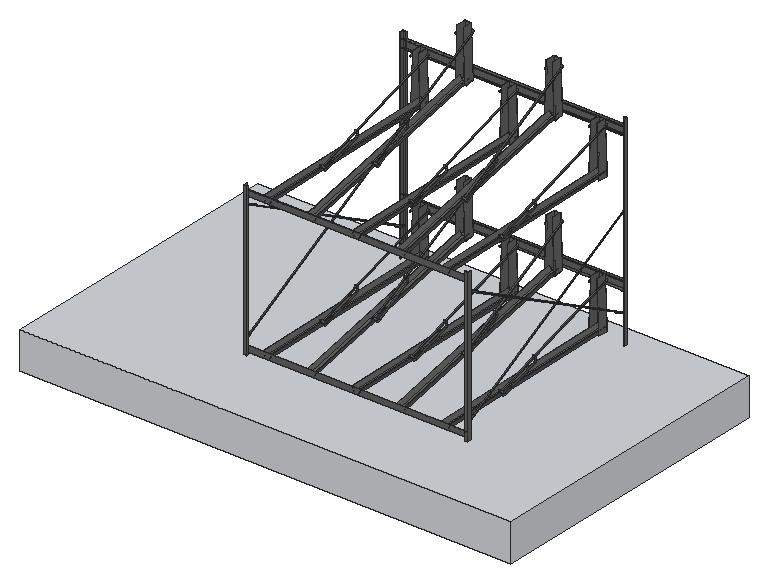
Revit family "Bike_Rack-Saris_Parking-Stretch_Rack", category Site, host Face, Revit 2014
Parameters (values of type "Refer to Catalog")
  Width = 72.4"
  URL = "https://www.sarisparking.com/"
  Stretch Rack Locking = yes
  Product Page URL = "https://www.sarisparking.com/product/stretch-rack/"
  Product Documentation Link = "https://www.sarisparking.com/uploads/SarisParking/PDF/Stretch-Rack-Spread.pdf"
  Number of Parkable Bikes Note [instance] = "Saris Stretch Rack can only park 6, 8, or 10 bikes at a time"  # constant formula
  Mount Color = Paint - Saris Parking - Powder Coat - Shuttle Black
  Model = "8010"
  Manufacturer = "Saris Parking"  # constant formula
  Description = "High density long term bike storage"  # constant formula
  Default Elevation = 48.0"
  Ceiling Clearance = "96 Inches Ceiling Clearance Required"  # constant formula
  Assembly Code = "G2040500"
  8080 = no
  8018 = no
  8016 = no
  8010 = yes
Reference planes (in)
  plane 1 "Center (Front/Back)": y = 0
  plane 2: z = 0
  plane 3 "Center (Left/Right)": x = 0
  plane 4: y = -22.45027
  plane 5: x = -36.2
  plane 6: y = -22.45027
  plane 7: y = -22.32527
  plane 8: z = 46.085
  plane 9: z = 45.935
  plane 10: z = 63.5
  plane 11: z = 60.75
  plane 12: z = 18.637
  plane 13: z = 15.887
  plane 14: y = 41.71015
  plane 15: x = -35.055
  plane 16: x = -36.03
  plane 17: x = 36.2
  plane 18: x = 35.055
  plane 19: x = 36.03
  plane 20: x = -14.405
  plane 21: x = 28.795
  plane 22: x = 14.395
  plane 23: x = -14.405
  plane 24: x = 14.395
  plane 25: x = 28.795
  plane 26: x = -28.805
  plane 27: x = -28.8
  plane 28: x = -27
  plane 29: x = -9
  plane 30: x = 9
  plane 31: x = 27
  plane 32: x = -20.755
  plane 33: x = -7.255
  plane 34: x = 6.245
  plane 35: x = 19.745
  plane 36: y = 40.65077
  plane 37: z = 31.137
  plane 38: z = 76
  plane 39: x = -18.005
  plane 40: x = 17.995
  plane 41: z = 5
  plane 42: z = 9.375
  plane 43: z = 43
  plane 44: z = 38.625
  plane 45: x = 0
  plane 46: x = 35.58625
  plane 47: x = -35.56281
  plane 48: z = 42.97931
  plane 49: y = 13.72889
  plane 50: z = 65.5
  plane 51: y = 40.58515
  plane 52: z = 18.512
  plane 53: z = 16.012
  plane 54: y = 41.56015
  plane 55: y = 41.43515
  plane 56: z = 49
  plane 57: z = 2.875
  plane 58: z = 1.055
  plane 59: z = 0.935
  plane 60: y = -22.62027
  plane 61: y = -21.47527
Forms (in)
  Extrusion 1, solid
    sketch origin (0, 0, 0) x (1, 0, 0) y (0, 1, 0)
      loop
        line (-88, 48) -> (-88, -48) -> (70.23966, -48) -> (70.23966, 48) -> (-88, 48)
    from 0 to -12
  Extrusion 2, solid, material "Paint - Saris Parking - Powder Coat - Shuttle Black" <- "Mount Color", detail levels coarse
    sketch origin (0, 0, 0) x (1, 0, 0) y (0, 1, 0)
      loop
        line (35.055, 41.71015) -> (35.055, 40.58515) -> (36.2, 40.58515) -> (36.2, 41.71015) -> (35.055, 41.71015)
      loop
        line (-35.055, 41.71015) -> (-36.2, 41.71015) -> (-36.2, 40.58515) -> (-35.055, 40.58515) -> (-35.055, 41.71015)
    from 0 to 65.5
  Extrusion 3, solid, material "Paint - Saris Parking - Powder Coat - Shuttle Black" <- "Mount Color", detail levels coarse
    sketch origin (0, 0, 0) x (0, 1, 0) y (0, 0, 1)
      loop
        line (-21.47527, 45.935) -> (-21.47527, 47.875) -> (-22.62027, 47.875) -> (-22.62027, 45.935) -> (-21.47527, 45.935)
      loop
        line (-21.47527, 0.935) -> (-21.47527, 2.875) -> (-22.62027, 2.875) -> (-22.62027, 0.935) -> (-21.47527, 0.935)
      loop
        line (40.58515, 60.75) -> (41.71015, 60.75) -> (41.71015, 63.5) -> (40.58515, 63.5) -> (40.58515, 60.75)
      loop
        line (40.58515, 15.887) -> (41.71015, 15.887) -> (41.71015, 18.637) -> (40.58515, 18.637) -> (40.58515, 15.887)
    from -36.2 to 36.2
  Extrusion 4, solid, material "Paint - Saris Parking - Powder Coat - Shuttle Black" <- "Mount Color", detail levels medium+fine
    sketch origin (0, 0, 0) x (1, 0, 0) y (0, 1, 0)
      loop
        line (-35.055, 41.56015) -> (-35.055, 41.71015) -> (-36.2, 41.71015) -> (-36.2, 40.58515) -> (-36.03, 40.58515) -> (-36.03, 41.56015) -> (-35.055, 41.56015)
      loop
        line (35.055, 41.71015) -> (35.055, 41.56015) -> (36.03, 41.56015) -> (36.03, 40.58515) -> (36.2, 40.58515) -> (36.2, 41.71015) -> (35.055, 41.71015)
    from 0 to 65.5
  Extrusion 5, solid, material "Paint - Saris Parking - Powder Coat - Shuttle Black" <- "Mount Color", detail levels medium+fine
    sketch origin (0, 0, 0) x (0, 1, 0) y (0, 0, 1)
      loop
        line (40.65077, 18.637) -> (40.65077, 18.512) -> (41.43515, 18.512) -> (41.43515, 16.012) -> (40.65077, 16.012) -> (40.65077, 15.887) -> (41.56015, 15.887) -> (41.56015, 18.637) -> (40.65077, 18.637)
      loop
        line (40.65077, 60.75) -> (41.56015, 60.75) -> (41.56015, 63.5) -> (40.65077, 63.5) -> (40.65077, 63.375) -> (41.43515, 63.375) -> (41.43515, 60.875) -> (40.65077, 60.875) -> (40.65077, 60.75)
    from -36.03 to 36.03
  Extrusion 6, solid, material "Paint - Saris Parking - Powder Coat - Shuttle Black" <- "Mount Color", detail levels medium+fine
    sketch origin (0, 0, 0) x (1, 0, 0) y (0, 1, 0)
      loop
        line (-36.03, -21.47527) -> (-36.2, -21.47527) -> (-36.2, -22.62027) -> (-35.055, -22.62027) -> (-35.055, -22.45027) -> (-36.03, -22.45027) -> (-36.03, -21.47527)
      loop
        line (36.03, -21.47527) -> (36.03, -22.45027) -> (35.055, -22.45027) -> (35.055, -22.62027) -> (36.2, -22.62027) -> (36.2, -21.47527) -> (36.03, -21.47527)
    from 0 to 49
  Extrusion 7, solid, material "Paint - Saris Parking - Powder Coat - Shuttle Black" <- "Mount Color", detail levels medium+fine
    sketch origin (0, 0, 0) x (0, 1, 0) y (0, 0, 1)
      loop
        line (-22.32527, 2.875) -> (-22.45027, 2.875) -> (-22.45027, 0.935) -> (-21.37527, 0.935) -> (-21.37527, 1.055) -> (-22.32527, 1.055) -> (-22.32527, 2.875)
      loop
        line (-22.32527, 47.875) -> (-22.45027, 47.875) -> (-22.45027, 45.935) -> (-21.37527, 45.935) -> (-21.37527, 46.055) -> (-22.32527, 46.055) -> (-22.32527, 47.875)
    from -36.03 to 36.03
  Extrusion 8, solid, material "Paint - Saris Parking - Powder Coat - Shuttle Black" <- "Mount Color", detail levels coarse
    sketch origin (0, 0, 0) x (1, 0, 0) y (0, 1, 0)
      loop
        line (-35.055, -22.62027) -> (-35.055, -21.47527) -> (-36.2, -21.47527) -> (-36.2, -22.62027) -> (-35.055, -22.62027)
      loop
        line (35.055, -22.62027) -> (36.2, -22.62027) -> (36.2, -21.47527) -> (35.055, -21.47527) -> (35.055, -22.62027)
    from 0 to 49
Lines and regions (in)
  Masking region 1
    outline origin (0, 0, 0) x (1, 0, 0) y (0, 1, 0)
      loop
        line (-36.2, -21.47527) -> (-36.2, -22.62027) -> (36.2, -22.62027) -> (36.2, -21.47527) -> (-36.2, -21.47527)
      loop
        line (-36.2, 41.71015) -> (-36.2, 40.58515) -> (36.2, 40.58515) -> (36.2, 41.71015) -> (-36.2, 41.71015)
  Masking region 2, detail levels medium+fine
    outline origin (0, 0, 0) x (1, 0, 0) y (0, 1, 0)
      loop
        line (-35.75281, -21.47527) -> (-35.37281, -21.47527) -> (-35.37281, 40.65077) -> (-35.75281, 40.65077) -> (-35.75281, -21.47527)
      loop
        line (35.75281, -21.47527) -> (35.75281, 40.65077) -> (35.37281, 40.65077) -> (35.37281, -21.47527) -> (35.75281, -21.47527)
Dimensions and locks (in)
  "Width": plane 5 to plane 17
  equal spacing: plane 5, plane 3 "Center (Left/Right)", plane 17
  plane 5 to plane 26 = 7.395"
  plane 26 to plane 20 = 14.4"
  plane 20 to plane 3 "Center (Left/Right)" = 14.405"
  plane 17 to plane 21 to plane 22 to plane 3 "Center (Left/Right)" = 7.405", 14.4", 14.395"
  plane 5 to plane 27 = 7.4"
  plane 27 to plane 23 = 14.395"
  plane 23 to plane 3 "Center (Left/Right)" = 14.405"
  plane 3 "Center (Left/Right)" to plane 24 = 14.395"
  plane 24 to plane 25 = 14.4"
  plane 25 to plane 17 = 7.405"
  plane 5 to plane 28 = 9.2"
  plane 28 to plane 29 = 18.0"
  plane 29 to plane 30 = 18.0"
  plane 30 to plane 31 = 18.0"
  plane 31 to plane 17 = 9.2"
  plane 18 to plane 19 to plane 17 = 0.975" locked, 0.17" locked
  plane 5 to plane 16 to plane 15 = 0.17" locked, 0.975" locked
  locked: plane 1 "Center (Front/Back)" to plane 36 at 40.65077
  plane 32 to plane 33 to plane 3 "Center (Left/Right)" to plane 34 to plane 35 = 13.5" locked, 7.255" locked, 6.245" locked, 13.5" locked
  locked: plane 2 to plane 37 at 31.137
  locked: plane 2 to plane 38 at 76
  plane 10 to plane 12 to plane 2 = 44.863" locked, 18.637" locked
  plane 39 to plane 3 "Center (Left/Right)" to plane 40 = 18.005" locked, 17.995" locked
  plane 44 to plane 41 = 33.625"
  plane 43 to plane 42 = 33.625"
  locked: plane 46 to plane 17 at 0.61375
  locked: plane 5 to plane 47 at 0.63719
  locked: plane 48 to plane 2 at 42.97931
  locked: plane 1 "Center (Front/Back)" to nested 33 at 13.72889
  locked: plane 50 to plane 2 at 65.5
  Extrusion 3 sketch curve to Extrusion 3 sketch curve to Extrusion 3 sketch curve to Extrusion 3 sketch curve to Extrusion 3 sketch curve to Extrusion 3 sketch curve to Extrusion 3 sketch curve to Extrusion 3 sketch curve to plane 1 "Center (Front/Back)" to Extrusion 3 sketch curve to Extrusion 3 sketch curve to Extrusion 3 sketch curve to Extrusion 3 sketch curve to Extrusion 3 sketch curve to Extrusion 3 sketch curve to Extrusion 3 sketch curve to Extrusion 3 sketch curve = 0.0" locked, 0.0" locked, 0.0" locked, 1.145" locked, 0.0" locked, 0.0" locked, 0.0" locked, 21.47527" locked, 40.58515" locked, 0.0" locked, 0.0" locked, 0.0" locked, 1.125" locked, 0.0" locked, 0.0" locked, 0.0" locked
  Extrusion 3 sketch curve to Extrusion 3 sketch curve to Extrusion 3 sketch curve to Extrusion 3 sketch curve to Extrusion 3 sketch curve to Extrusion 3 sketch curve to Extrusion 3 sketch curve to Extrusion 3 sketch curve to Extrusion 3 sketch curve to Extrusion 3 sketch curve to Extrusion 3 sketch curve to Extrusion 3 sketch curve to Extrusion 3 sketch curve to Extrusion 3 sketch curve to Extrusion 3 sketch curve to Extrusion 3 sketch curve to plane 2 = 0.0" locked, 2.75" locked, 0.0" locked, 12.875" locked, 0.0" locked, 1.94" locked, 0.0" locked, 27.298" locked, 0.0" locked, 2.75" locked, 0.0" locked, 13.012" locked, 0.0" locked, 1.94" locked, 0.0" locked, 0.935" locked
  plane 5 to Extrusion 4 sketch curve to Extrusion 4 sketch curve to Extrusion 4 sketch curve to Extrusion 4 sketch curve to Extrusion 4 sketch curve to Extrusion 4 sketch curve = 0.0" locked, 0.0" locked, 0.17" locked, 0.0" locked, 0.975" locked, 0.0" locked
  Extrusion 4 sketch curve to Extrusion 4 sketch curve to Extrusion 4 sketch curve to Extrusion 4 sketch curve to plane 14 to Extrusion 4 sketch curve to Extrusion 4 sketch curve = 0.0" locked, 0.975" locked, 0.0" locked, 0.15" locked, 0.0" locked, 0.0" locked
  Extrusion 4 sketch curve to Extrusion 4 sketch curve to Extrusion 4 sketch curve to Extrusion 4 sketch curve to Extrusion 4 sketch curve to Extrusion 4 sketch curve = 0.0" locked, 0.17" locked, 0.0" locked, 0.975" locked, 0.0" locked
  Extrusion 4 sketch curve to Extrusion 4 sketch curve to Extrusion 4 sketch curve to Extrusion 4 sketch curve to Extrusion 4 sketch curve to Extrusion 4 sketch curve = 0.0" locked, 0.975" locked, 0.0" locked, 0.15" locked, 0.0" locked
  Extrusion 5 sketch curve to Extrusion 5 sketch curve to Extrusion 5 sketch curve to Extrusion 5 sketch curve to Extrusion 5 sketch curve to Extrusion 5 sketch curve to Extrusion 5 sketch curve to Extrusion 5 sketch curve to plane 2 = 0.0" locked, 0.125" locked, 0.0" locked, 2.5" locked, 0.0" locked, 0.125" locked, 0.0" locked, 15.887" locked
  Extrusion 5 sketch curve to Extrusion 5 sketch curve to Extrusion 5 sketch curve to Extrusion 5 sketch curve to Extrusion 5 sketch curve to Extrusion 5 sketch curve to Extrusion 5 sketch curve to Extrusion 5 sketch curve to plane 1 "Center (Front/Back)" = 0.0" locked, 0.125" locked, 0.0" locked, 0.78438" locked, 0.0" locked, 0.0" locked, 0.0" locked, 40.65077" locked
  Extrusion 5 sketch curve to Extrusion 5 sketch curve to Extrusion 5 sketch curve to Extrusion 5 sketch curve to Extrusion 5 sketch curve to Extrusion 5 sketch curve to Extrusion 5 sketch curve to Extrusion 5 sketch curve = 0.0" locked, 0.125" locked, 0.0" locked, 2.5" locked, 0.0" locked, 0.125" locked, 0.0" locked
  Extrusion 5 sketch curve to Extrusion 5 sketch curve to Extrusion 5 sketch curve to Extrusion 5 sketch curve to Extrusion 5 sketch curve to Extrusion 5 sketch curve to Extrusion 5 sketch curve to Extrusion 5 sketch curve = 0.0" locked, 0.125" locked, 0.0" locked, 0.78438" locked, 0.0" locked, 0.0" locked, 0.0" locked
  Extrusion 6 sketch curve to Extrusion 6 sketch curve to Extrusion 6 sketch curve to Extrusion 6 sketch curve to Extrusion 6 sketch curve to Extrusion 6 sketch curve to plane 3 "Center (Left/Right)" = 0.0" locked, 0.17" locked, 0.0" locked, 0.975", 0.0" locked, 35.055"
  Extrusion 6 sketch curve to Extrusion 6 sketch curve to Extrusion 6 sketch curve to Extrusion 6 sketch curve to Extrusion 6 sketch curve to Extrusion 6 sketch curve to plane 49 = 0.0" locked, 0.17" locked, 0.0" locked, 0.975" locked, 0.0" locked, 35.20416" locked
  Extrusion 6 sketch curve to Extrusion 6 sketch curve to Extrusion 6 sketch curve to Extrusion 6 sketch curve to Extrusion 6 sketch curve to Extrusion 6 sketch curve = 0.0" locked, 0.17" locked, 0.0" locked, 0.975" locked, 0.0" locked  (x2)
  locked: plane 56 to plane 2 at 49
  Extrusion 7 sketch curve to Extrusion 7 sketch curve to Extrusion 7 sketch curve to Extrusion 7 sketch curve to Extrusion 7 sketch curve to Extrusion 7 sketch curve to plane 2 = 0.0" locked, 1.82" locked, 0.0" locked, 0.12" locked, 0.0" locked, 0.935" locked
  plane 1 "Center (Front/Back)" to Extrusion 7 sketch curve to Extrusion 7 sketch curve to Extrusion 7 sketch curve to Extrusion 7 sketch curve to Extrusion 7 sketch curve to Extrusion 7 sketch curve = 21.37527" locked, 0.0" locked, 0.95" locked, 0.0" locked, 0.125" locked, 0.0" locked
  Extrusion 7 sketch curve to Extrusion 7 sketch curve to Extrusion 7 sketch curve to Extrusion 7 sketch curve to Extrusion 7 sketch curve to Extrusion 7 sketch curve = 0.0" locked, 1.82" locked, 0.0" locked, 0.12" locked, 0.0" locked
  Extrusion 7 sketch curve to Extrusion 7 sketch curve to Extrusion 7 sketch curve to Extrusion 7 sketch curve to Extrusion 7 sketch curve to Extrusion 7 sketch curve = 0.0" locked, 0.95" locked, 0.0" locked, 0.125" locked, 0.0" locked
  Masking region 2 sketch curve to nested 34 to Masking region 2 sketch curve = 0.19" locked, 0.19" locked
  Masking region 2 sketch curve to nested 33 to Masking region 2 sketch curve = 0.21344" locked, 0.16656" locked
  aligned and locked: Extrusion 1 to plane 2
  aligned and locked: Extrusion 1 to level
  aligned and locked: nested 21 to plane 36
  aligned and locked: nested 22 to plane 34
  aligned and locked: nested 22 to plane 36
  aligned and locked: nested 19 to plane 32
  aligned and locked: nested 20 to plane 34
  aligned and locked: nested 19 to plane 36
  aligned and locked: nested 20 to plane 36
  aligned and locked: nested 23 to plane 33
  aligned and locked: nested 23 to plane 36
  aligned and locked: nested 25 to plane 33
  aligned and locked: nested 25 to plane 36
  aligned and locked: nested 24 to plane 35
  aligned and locked: nested 24 to plane 36
  aligned and locked: nested 26 to plane 35
  aligned and locked: nested 26 to plane 36
  aligned and locked: plane 38 to nested 9
  aligned and locked: nested 14 to plane 38
  aligned and locked: nested 26 to plane 38
  aligned and locked: nested 13 to plane 38
  aligned and locked: nested 23 to plane 38
  aligned and locked: nested 2 to plane 38
  aligned and locked: nested 22 to plane 10
  aligned and locked: nested 21 to plane 10
  aligned and locked: nested 1 to plane 10
  aligned and locked: nested 16 to plane 10
  aligned and locked: nested 7 to plane 10
  aligned and locked: nested 5 to plane 10
  aligned and locked: nested 15 to plane 10
  aligned and locked: nested 3 to plane 37
  aligned and locked: nested 10 to plane 37
  aligned and locked: nested 17 to plane 37
  aligned and locked: nested 18 to plane 37
  aligned and locked: nested 25 to plane 37
  aligned and locked: nested 24 to plane 37
  aligned and locked: nested 6 to plane 12
  aligned and locked: nested 11 to plane 12
  aligned and locked: nested 20 to plane 12
  aligned and locked: nested 19 to plane 12
  aligned and locked: nested 12 to plane 12
  aligned and locked: nested 4 to plane 12
  aligned and locked: nested 8 to plane 12
  aligned and locked: nested 5 to plane 36
  aligned and locked: nested 6 to plane 36
  aligned and locked: nested 15 to plane 36
  aligned and locked: nested 11 to plane 36
  aligned and locked: nested 21 to plane 32
  aligned and locked: nested 9 to plane 23
  aligned and locked: nested 9 to plane 36
  aligned and locked: nested 10 to plane 23
  aligned and locked: nested 10 to plane 36
  aligned and locked: nested 13 to plane 29
  aligned and locked: nested 13 to plane 36
  aligned and locked: nested 17 to plane 29
  aligned and locked: nested 17 to plane 36
  aligned and locked: plane 3 "Center (Left/Right)" to nested 1
  aligned and locked: nested 1 to plane 36
  aligned and locked: plane 3 "Center (Left/Right)" to nested 4
  aligned and locked: nested 4 to plane 36
  aligned and locked: nested 16 to plane 36
  aligned and locked: nested 12 to plane 36
  aligned and locked: nested 2 to plane 24
  aligned and locked: nested 2 to plane 36
  aligned and locked: nested 3 to plane 24
  aligned and locked: nested 3 to plane 36
  aligned and locked: nested 14 to plane 31
  aligned and locked: nested 14 to plane 36
  aligned and locked: nested 18 to plane 31
  aligned and locked: nested 18 to plane 36
  aligned and locked: nested 7 to plane 25
  aligned and locked: nested 7 to plane 36
  aligned and locked: nested 8 to plane 25
  aligned and locked: nested 8 to plane 36
  aligned and locked: nested 27 to plane 12
  aligned and locked: nested 28 to plane 12
  aligned and locked: nested 30 to plane 10
  aligned and locked: nested 29 to plane 10
  aligned and locked: nested 27 to plane 39
  aligned and locked: nested 29 to plane 39
  aligned and locked: nested 30 to plane 40
  aligned and locked: nested 28 to plane 40
  aligned and locked: nested 27 to plane 36
  aligned and locked: nested 29 to plane 36
  aligned and locked: nested 30 to plane 36
  aligned and locked: nested 28 to plane 36
  aligned and locked: plane 37 to nested 32
  aligned and locked: plane 38 to nested 31
  aligned and locked: nested 31 to plane 36
  aligned and locked: nested 32 to plane 36
  aligned and locked: plane 3 "Center (Left/Right)" to nested 31
  aligned and locked: plane 3 "Center (Left/Right)" to nested 32
  aligned and locked: nested 34 to plane 47
  aligned and locked: nested 33 to plane 46
  aligned and locked: nested 33 to plane 48
  aligned and locked: nested 34 to plane 48
  aligned and locked: nested 33 to plane 49
  aligned and locked: nested 34 to plane 49
  aligned and locked: plane 50 to Extrusion 2
  aligned and locked: Extrusion 2 to plane 2
  aligned and locked: plane 5 to Extrusion 3
  aligned and locked: plane 17 to Extrusion 3
  aligned and locked: plane 50 to Extrusion 4
  aligned and locked: Extrusion 5 to plane 19
  aligned and locked: Extrusion 5 to plane 16
  aligned and locked: plane 5 to Extrusion 6
  aligned and locked: plane 17 to Extrusion 6
  aligned and locked: Extrusion 6 to plane 2
  aligned and locked: plane 56 to Extrusion 6
  aligned and locked: Extrusion 7 to plane 19
  aligned and locked: Extrusion 7 to plane 16
  aligned and locked: plane 16 to Extrusion 6
  aligned and locked: plane 15 to Extrusion 6
  aligned and locked: plane 5 to Extrusion 2 sketch curve
  aligned and locked: Extrusion 2 sketch curve to plane 14
  aligned and locked: plane 15 to Extrusion 2 sketch curve
  aligned and locked: plane 51 to Extrusion 2 sketch curve
  aligned and locked: Extrusion 2 sketch curve to plane 18
  aligned and locked: plane 14 to Extrusion 2 sketch curve
  aligned and locked: Extrusion 2 sketch curve to plane 17
  aligned and locked: Extrusion 2 sketch curve to plane 51
  aligned and locked: Masking region 1 sketch curve to plane 5  (x2)
  aligned and locked: plane 14 to Masking region 1 sketch curve
  aligned and locked: plane 61 to Masking region 1 sketch curve
  aligned and locked: Masking region 1 sketch curve to plane 60
  aligned and locked: Masking region 1 sketch curve to plane 17  (x2)
  aligned and locked: Masking region 1 sketch curve to plane 51
  aligned and locked: Masking region 2 sketch curve to plane 36
  aligned and locked: plane 61 to Masking region 2 sketch curve
  aligned and locked: Masking region 2 sketch curve to plane 61
  aligned and locked: plane 36 to Masking region 2 sketch curve
  aligned and locked: plane 61 to Extrusion 8 sketch curve
  aligned and locked: Extrusion 8 sketch curve to plane 5
  aligned and locked: Extrusion 8 sketch curve to plane 15
  aligned and locked: Extrusion 8 sketch curve to plane 60
  aligned and locked: Extrusion 8 sketch curve to plane 61
  aligned and locked: plane 17 to Extrusion 8 sketch curve
  aligned and locked: plane 60 to Extrusion 8 sketch curve
  aligned and locked: plane 18 to Extrusion 8 sketch curve
  aligned and locked: Extrusion 8 to Extrusion 6
  aligned and locked: Extrusion 2 to Extrusion 8
Automatic sketch dimensions
  Extrusion 1 sketch curve to Extrusion 1 sketch curve = 158.23966"
  Extrusion 1 sketch curve to Extrusion 1 sketch curve = 96.0"
  Extrusion 5 sketch curve to plane 36 = 0.0"
  plane 10 to Extrusion 5 sketch curve = 0.0"
  plane 14 to Extrusion 4 sketch curve = 0.0"
  Extrusion 4 sketch curve to plane 18 = 0.0"
  Extrusion 6 sketch curve to plane 18 = 0.0"
  Extrusion 7 sketch curve to plane 4 = 0.0"
  Extrusion 7 sketch curve to plane 9 = 0.0"
  plane 4 to Extrusion 6 sketch curve = 0.0"
Nested families (in)
  nested 1: "Angled_Rack" at (0, 41.83376, 46.29234), visible <- "8010", type "Angled_Rack"
  nested 2: "Angled_Rack12" at (14.395, -17.54735, 0.00303), visible <- "8010", type "Angled_Rack12"
  nested 3: "Angled_Rack12" at (14.395, -17.54735, -44.85997), visible <- "8010", type "Angled_Rack12"
  nested 4: "Angled_Rack" at (0, 41.83376, 1.42934), visible <- "8010", type "Angled_Rack"
  nested 5: "Angled_Rack" at (-28.8, 41.83376, 46.29234), visible <- "8010", type "Angled_Rack"
  nested 6: "Angled_Rack" at (-28.8, 41.83376, 1.42934), visible <- "8010", type "Angled_Rack"
  nested 7: "Angled_Rack" at (28.795, 41.83376, 46.29234), visible <- "8010", type "Angled_Rack"
  nested 8: "Angled_Rack" at (28.795, 41.83376, 1.42934), visible <- "8010", type "Angled_Rack"
  nested 9: "Angled_Rack12" at (-14.405, -17.54735, 0.03125), visible <- "8010", type "Angled_Rack12"
  nested 10: "Angled_Rack12" at (-14.405, -17.54735, -44.85997), visible <- "8010", type "Angled_Rack12"
  nested 11: "Angled_Rack" at (-27, 41.83376, 1.42934), visible <- "8080", type "Angled_Rack"
  nested 12: "Angled_Rack" at (9, 41.83376, 1.42934), visible <- "8080", type "Angled_Rack"
  nested 13: "Angled_Rack12" at (-9, -17.54735, 0.00303), visible <- "8080", type "Angled_Rack12"
  nested 14: "Angled_Rack12" at (27, -17.54735, 0.00303), visible <- "8080", type "Angled_Rack12"
  nested 15: "Angled_Rack" at (-27, 41.83376, 46.29234), visible <- "8080", type "Angled_Rack"
  nested 16: "Angled_Rack" at (9, 41.83376, 46.29234), visible <- "8080", type "Angled_Rack"
  nested 17: "Angled_Rack12" at (-9, -17.54735, -44.85997), visible <- "8080", type "Angled_Rack12"
  nested 18: "Angled_Rack12" at (27, -17.54735, -44.85997), visible <- "8080", type "Angled_Rack12"
  nested 19: "Angled_Rack" at (-20.755, 41.83376, 1.42934), visible <- "8018", type "Angled_Rack"
  nested 20: "Angled_Rack" at (6.245, 41.83376, 1.42934), visible <- "8018", type "Angled_Rack"
  nested 21: "Angled_Rack" at (-20.755, 41.83376, 46.29234), visible <- "8018", type "Angled_Rack"
  nested 22: "Angled_Rack" at (6.245, 41.83376, 46.29234), visible <- "8018", type "Angled_Rack"
  nested 23: "Angled_Rack12" at (-7.255, -17.54735, 0.00303), visible <- "8018", type "Angled_Rack12"
  nested 24: "Angled_Rack12" at (19.745, -17.54735, -44.85997), visible <- "8018", type "Angled_Rack12"
  nested 25: "Angled_Rack12" at (-7.255, -17.54735, -44.85997), visible <- "8018", type "Angled_Rack12"
  nested 26: "Angled_Rack12" at (19.745, -17.54735, 0.00303), visible <- "8018", type "Angled_Rack12"
  nested 27: "Angled_Rack" at (-18.005, 41.83376, 1.42934), visible <- "8016", type "Angled_Rack"
  nested 28: "Angled_Rack" at (17.995, 41.83376, 1.42934), visible <- "8016", type "Angled_Rack"
  nested 29: "Angled_Rack" at (-18.005, 41.83376, 46.29234), visible <- "8016", type "Angled_Rack"
  nested 30: "Angled_Rack" at (17.995, 41.83376, 46.29234), visible <- "8016", type "Angled_Rack"
  nested 31: "Angled_Rack12" at (0, -17.54735, 0.03125), visible <- "8016", type "Angled_Rack12"
  nested 32: "Angled_Rack12" at (0, -17.54735, -44.83175), visible <- "8016", type "Angled_Rack12"
  nested 33: "Stretch Braces" at (35.58625, 13.72889, 24.03125), type "Stretch Braces"
  nested 34: "Stretch Braces" at (-35.56281, 13.72889, 24.03125), type "Stretch Braces"
  nested 35: "Bicycle-Saris_Parking-2D" at (-14.37375, 9.14161, 53.13661) x (-1, 0, 0) z (0, -0.2079, 0.9781), visible <- "8010", type "2D Bike"
    with Front yes, Back no
  nested 36: "Bicycle-Saris_Parking-2D" at (-8.99217, 9.20274, 53.12139) x (-1, 0, 0) z (0, -0.2079, 0.9781), visible <- "8080", type "2D Bike"
    with Front yes, Back no
  nested 37: "Bicycle-Saris_Parking-2D" at (-7.255, 9.14161, 53.10839) x (-1, 0, 0) z (0, -0.2079, 0.9781), visible <- "8018", type "2D Bike"
    with Front yes, Back no
  nested 38: "Bicycle-Saris_Parking-2D" at (0, 9.14161, 53.13661) x (-1, 0, 0) z (0, -0.2079, 0.9781), visible <- "8016", type "2D Bike"
    with Front yes, Back no
  nested 39: "Bicycle-Saris_Parking-2D" at (-28.75826, 7.75329, 1.99472) x (-1, 0, 0) z (0, -0.0131, 0.9999), visible <- "8010", type "2D Bike"
    with Front yes, Back no
  nested 40: "Bicycle-Saris_Parking-2D" at (-27, 7.83276, 1.99576) x (-1, 0, 0) z (0, -0.0131, 0.9999), visible <- "8080", type "2D Bike"
    with Front yes, Back no
  nested 41: "Bicycle-Saris_Parking-2D" at (-20.755, 7.83276, 1.99576) x (-1, 0, 0) z (0, -0.0131, 0.9999), visible <- "8018", type "2D Bike"
    with Front yes, Back no
  nested 42: "Bicycle-Saris_Parking-2D" at (-18.005, 7.83276, 1.99576) x (-1, 0, 0) z (0, -0.0131, 0.9999), visible <- "8016", type "2D Bike"
    with Front yes, Back no
  nested 43: "REFLVL" at (-28.8, 8.0092, 3) x (-1, 0, 0) z (0, 0, 1), visible <- "8010", type "REFLVL"
  nested 44: "REFLVL" at (-26.2498, 8.00923, 3) x (-1, 0, 0) z (0, 0, 1), visible <- "8080", type "REFLVL"
  nested 45: "REFLVL" at (-20.755, 8.00929, 3) x (-1, 0, 0) z (0, 0, 1), visible <- "8018", type "REFLVL"
  nested 46: "REFLVL" at (-18.005, 8.00932, 3) x (-1, 0, 0) z (0, 0, 1), visible <- "8016", type "REFLVL"
  nested 47: "REFLVL" at (-14.405, 8.00935, 48) x (-1, 0, 0) z (0, 0, 1), visible <- "8010", type "REFLVL"
  nested 48: "REFLVL" at (-9, 8.00941, 48) x (-1, 0, 0) z (0, 0, 1), visible <- "8080", type "REFLVL"
  nested 49: "REFLVL" at (-7.255, 8.00943, 48) x (-1, 0, 0) z (0, 0, 1), visible <- "8018", type "REFLVL"
  nested 50: "REFLVL" at (0, 8.00951, 48) x (-1, 0, 0) z (0, 0, 1), visible <- "8016", type "REFLVL"
Definition of nested family "Angled_Rack"
  Parameters (values of type "Angled_Rack")
    Stretch Rack Locking = yes
    Mount Color = Paint - Saris Parking - Powder Coat - Shuttle Black
  Reference planes (in)
    plane 1 "Center (Front/Back)": y = 0
    plane 2: z = 0
    plane 3 "Center (Left/Right)": x = 0
  Forms (in)
    Extrusion 1, solid, material "Paint - Saris Parking - Powder Coat - Shuttle Black" <- "Mount Color", detail levels medium+fine
      sketch origin (-17.45796, 0.62213, -46.17188) x (1, 0, 0) y (0, -0.01309, 0.999914)
        loop
          line (18.20796, 47.1875) -> (16.70796, 47.1875) -> (16.19019, 48.41019)
          arc (16.19019, 48.41019) -> (16.07755, 48.45581) -> (16.03192, 48.34316) r 0.08594
          line (16.03192, 48.34316) -> (16.59409, 47.01563) -> (18.32183, 47.01562) -> (18.884, 48.34316)
          arc (18.884, 48.34316) -> (18.83837, 48.45581) -> (18.72573, 48.41019) r 0.08594
          line (18.72573, 48.41019) -> (18.20796, 47.1875)
      from 1.27952 to 64.15161
    Extrusion 2, solid, material "Paint - Saris Parking - Powder Coat - Shuttle Black" <- "Mount Color", detail levels medium+fine
      sketch origin (-35.46336, 0, -58.79844) x (1, 0, 0) y (0, 0, 1)
        loop
          line (36.53736, 76) -> (34.38936, 76) -> (33.89844, 59.54383) -> (37.02828, 59.54383) -> (36.53736, 76)
        loop
          line (34.77586, 73.0625) -> (34.77586, 64.3125)
          arc (34.77586, 64.3125) -> (35.46336, 63.625) -> (36.15086, 64.3125) r 0.6875
          line (36.15086, 64.3125) -> (36.15086, 73.0625)
          arc (36.15086, 73.0625) -> (35.46336, 73.75) -> (34.77586, 73.0625) r 0.6875
      from 1.18299 to 1.27262
    Extrusion 3, solid, material "Paint - Saris Parking - Powder Coat - Shuttle Black" <- "Mount Color", detail levels medium+fine
      sketch origin (-17.46336, 0, -46.29234) x (1, 0, 0) y (0, 0, 1)
        loop
          arc (18.53736, 63.5) -> (18.49253, 63.50063) -> (18.4477, 63.5) r 1.6004
          line (18.4477, 63.5) -> (18.94458, 47.03772) -> (19.02846, 47.03772) -> (18.53736, 63.5)
        loop
          line (15.98215, 47.03772) -> (16.47903, 63.5)
          arc (16.47903, 63.5) -> (16.4342, 63.50063) -> (16.38936, 63.5) r 1.60022
          line (16.38936, 63.5) -> (15.89826, 47.03772) -> (15.98215, 47.03772)
      from 1.27262 to 4.25699
    Extrusion 4, solid, material "Paint - Saris Parking - Powder Coat - Shuttle Black" <- "Mount Color", detail levels medium+fine
      sketch origin (0, 0, -46.29234) x (0, 1, 0) y (0, 0, 1)
        loop
          line (-3.56833, 47.00531) -> (-1.27262, 47.03537) -> (-1.27262, 47.10937) -> (-3.56929, 47.07931) -> (-3.56833, 47.00531)
      from -1.48121 to 1.48122
    Extrusion 5, solid, material "Paint - Saris Parking - Powder Coat - Shuttle Black" <- "Mount Color", detail levels coarse
      sketch origin (0, 0, 0) x (0, 1, 0) y (0, 0, 1)
        loop
          line (-1.18299, 17.20766) -> (-4.25699, 17.20766) -> (-4.25699, 2.24538) -> (-64.15608, 1.46126) -> (-64.15608, -0.00022) -> (-1.18299, 0.82415) -> (-1.18299, 17.20766)
      from -1.56492 to 1.56492
  Lines and regions (in)
    Masking region 1, detail levels coarse
      outline origin (0, 0, 0) x (1, 0, 0) y (0, 1, 0)
        loop
          line (-1.56492, -64.15608) -> (1.56492, -64.15608) -> (1.56492, -1.18299) -> (-1.56492, -1.18299) -> (-1.56492, -64.15608)
    Masking region 2, detail levels medium+fine
      outline origin (0, 0, 0) x (1, 0, 0) y (0, 1, 0)
        loop
          line (-1.56492, -1.18299) -> (-1.56492, -64.15608) -> (1.56492, -64.15608) -> (1.56492, -1.18299) -> (-1.56492, -1.18299)
    Masking region 3, detail levels medium+fine
      outline origin (0, 0, 0) x (1, 0, 0) y (0, 1, 0)
        loop
          line (-0.86387, -1.27269) -> (-0.86387, -64.1394) -> (0.86387, -64.1394) -> (0.86387, -1.27269) -> (-0.86387, -1.27269)
  Dimensions and locks (in)
    Extrusion 1 sketch curve to Extrusion 1 sketch curve to Extrusion 1 sketch curve to Extrusion 1 sketch curve to plane 3 "Center (Left/Right)" to Extrusion 1 sketch curve to Extrusion 1 sketch curve to Extrusion 1 sketch curve to Extrusion 1 sketch curve = 0.15827" locked, 0.4039" locked, 0.11387" locked, 0.75", 0.75", 0.11387" locked, 0.4039" locked, 0.15827" locked
    Extrusion 1 sketch curve to Extrusion 1 sketch curve to Extrusion 1 sketch curve to Extrusion 1 sketch curve to Extrusion 1 sketch curve to Extrusion 1 sketch curve to Extrusion 1 sketch curve to Extrusion 1 sketch curve to plane 2 = 0.0" locked, 0.06702" locked, 0.0" locked, 1.15556" locked, 0.0" locked, 0.17186" locked, 0.0" locked, 0.83972"
    Masking region 1 sketch curve to Masking region 1 sketch curve to Masking region 1 sketch curve to Masking region 1 sketch curve to plane 1 "Center (Front/Back)" = 0.0" locked, 62.97309" locked, 0.0" locked, 1.18299" locked  (x2)
    Masking region 2 sketch curve to Masking region 2 sketch curve to plane 3 "Center (Left/Right)" to Masking region 2 sketch curve to Masking region 2 sketch curve = 0.0" locked, 1.56492" locked, 1.56492" locked, 0.0" locked
    Masking region 2 sketch curve to Masking region 2 sketch curve to Masking region 2 sketch curve to Masking region 2 sketch curve to plane 1 "Center (Front/Back)" = 0.0" locked, 62.97309" locked, 0.0" locked, 1.18299" locked
    Masking region 3 sketch curve to Masking region 3 sketch curve to Masking region 3 sketch curve to Masking region 3 sketch curve to plane 1 "Center (Front/Back)" = 0.0" locked, 62.8667" locked, 0.0" locked, 1.27269" locked
    Masking region 3 sketch curve to Masking region 3 sketch curve to plane 3 "Center (Left/Right)" to Masking region 3 sketch curve to Masking region 3 sketch curve = 0.0" locked, 0.86387" locked, 0.86387" locked, 0.0" locked
    aligned and locked: plane 2 to level
  Nested families (in)
    nested 1: "LOCKING" at (2.0625, -23.25, 0.74529), visible <- "Stretch Rack Locking", type "LOCKING", detail levels medium+fine
  Definition of nested family "LOCKING"
    Parameters (values of type "LOCKING")
      Mount Color = Paint - Saris Parking - Powder Coat - Shuttle Black
    Reference planes (in)
      plane 1 "Center (Front/Back)": y = 0
      plane 2: z = 0
      plane 3 "Center (Left/Right)": x = 0
      plane 4: z = 29.51101
      plane 5 "TOP ARCH": through (0, 23.96634, 14.87777) normal (0, -0.3015, 0.9535)
    Forms (in)
      Sweep 1, solid, material "Paint - Saris Parking - Powder Coat - Shuttle Black" <- "Mount Color"
        path origin (-0.375, 0.8858, 8.07615) x (1, 0, 0) y (0, 0.953454, 0.301538)
          loop
            line (0, -22.75475) -> (0, 21.63011)
            arc (0, 21.63011) -> (-0.23137, 22.18868) -> (-0.78994, 22.42005) r 0.78994
            line (-0.78994, 22.42005) -> (-3.28994, 22.42005)
            arc (-3.28994, 22.42005) -> (-3.8144, 22.20281) -> (-4.03164, 21.67835) r 0.7417
            line (-4.03164, 21.67835) -> (-4.03164, 19.92835)
        profile origin (-0.375, 0.34965, 7.90659) x (-1, 0, 0) y (0, -0.301538, 0.953454)
          loop
            circle (0, 0) r 0.1875
      Sweep 2, solid, material "Paint - Saris Parking - Powder Coat - Shuttle Black" <- "Mount Color"
        path in 3D
          loop
            line (-1.02114, -20.61811, 1.1191) -> (-1.02114, -20.65502, 1.23581)
            arc (-1.02114, -20.65502, 1.23581) -> (-0.90314, -20.74092, 1.50743) -> (-0.61825, -20.77651, 1.61994) r 0.40289
            line (-0.61825, -20.77651, 1.61994) -> (-0.36825, -20.77651, 1.61994)
            arc (-0.36825, -20.77651, 1.61994) -> (-0.10786, -20.74398, 1.51711) -> (0, -20.66546, 1.26883) r 0.36825
            line (0, -20.66546, 1.26883) -> (0, -20.52265, 0.81409)
            arc (0, -20.52265, 0.81409) -> (0, -20.15345, 0.37455) -> (0, -19.58158, 0.32482) r 0.75
            line (0, -19.58158, 0.32482) -> (0, -7.73258, 4.06751)
            arc (0, -7.73258, 4.06751) -> (0, -7.28805, 4.43741) -> (0, -7.22996, 5.01279) r 0.76412
            line (0, -7.22996, 5.01279) -> (0, -7.38627, 5.50764)
            arc (0, -7.38627, 5.50764) -> (-0.10983, -7.46617, 5.76029) -> (-0.375, -7.49929, 5.86501) r 0.375
            line (-0.375, -7.49929, 5.86501) -> (-0.5, -7.49929, 5.86501)
        profile origin (0, -13.65708, 2.19616) x (0, -0.301197, 0.953562) y (1, 0, 0)
          loop
            circle (0, 0) r 0.1875
    Lines and regions (in)
      Masking region 1, detail levels medium+fine
        outline origin (0, 0, 0) x (1, 0, 0) y (0, 1, 0)
          loop
            line (-4.59415, 19.88657) -> (-4.21915, 19.88657) -> (-4.21915, 21.49788)
            arc (-4.21915, 21.49788) -> (-4.09176, 21.86275) -> (-3.76495, 22.06905) r 0.58622
            line (-3.76495, 22.06905) -> (-1.09067, 22.06905)
            arc (-1.09067, 22.06905) -> (-0.71533, 21.9016) -> (-0.56146, 21.52049) r 0.54891
            line (-0.56146, 21.52049) -> (-0.56146, -20.58734)
            arc (-0.56146, -20.58734) -> (-0.37474, -20.59001) -> (-0.18904, -20.57043) r 1.56559
            line (-0.18904, -20.57043) -> (-0.18904, -7.67593)
            arc (-0.18904, -7.67593) -> (-0.34417, -7.69142) -> (-0.5, -7.68679) r 1.20725
            line (-0.5, -7.68679) -> (-0.5, -7.31127)
            arc (-0.5, -7.31127) -> (-0.34328, -7.31338) -> (-0.18904, -7.28552) r 0.81671
            line (-0.18904, -7.28552) -> (-0.18904, 21.52497)
            arc (-0.18904, 21.52497) -> (-0.43866, 22.16491) -> (-1.05962, 22.45856) r 0.92924
            line (-1.05962, 22.45856) -> (-3.70595, 22.45856)
            arc (-3.70595, 22.45856) -> (-4.334, 22.19841) -> (-4.59415, 21.57037) r 0.88819
            line (-4.59415, 21.57037) -> (-4.59415, 19.88657)
      Masking region 2, detail levels medium+fine
        outline origin (0, 0, 0) x (1, 0, 0) y (0, 1, 0)
          loop
            line (-0.5, -7.31127) -> (-0.5, -7.68679)
            arc (-0.5, -7.68679) -> (-0.34417, -7.69142) -> (-0.18904, -7.67593) r 1.20725
            line (-0.18904, -7.67593) -> (-0.18904, -20.57043)
            arc (-0.18904, -20.57043) -> (-0.51779, -20.58949) -> (-0.84567, -20.55897) r 2.18688
            arc (-0.84567, -20.55897) -> (-0.93418, -20.45688) -> (-1.06896, -20.44727) r 0.17655
            arc (-1.06896, -20.44727) -> (-1.20244, -20.55291) -> (-1.18571, -20.72231) r 0.17758
            arc (-1.18571, -20.72231) -> (-1.04475, -20.88366) -> (-0.84381, -20.95801) r 0.43441
            arc (-0.84381, -20.95801) -> (-0.48874, -20.9767) -> (-0.13367, -20.95801) r 3.38092
            arc (-0.13367, -20.95801) -> (0.08977, -20.84745) -> (0.1875, -20.61811) r 0.35934
            line (0.1875, -20.61811) -> (0.1875, -7.22996)
            spline (0.1875, -7.22996) -> (0.1859, -7.20649) -> (0.18111, -7.18342) -> (0.17323, -7.16115) -> (0.16238, -7.14006) -> (0.14875, -7.1205) -> (0.13258, -7.10282) -> (0.11414, -7.08731) -> (0.09375, -7.07424) -> (0.07175, -7.06384) -> (0.04853, -7.05628) -> (0.02447, -7.05169) -> (0, -7.05015)
            spline (0, -7.05015) -> (-0.02908, -7.05233) -> (-0.05745, -7.0588) -> (-0.08443, -7.06942) -> (-0.10937, -7.08391) -> (-0.13167, -7.10195) -> (-0.15078, -7.12308) -> (-0.16624, -7.14679) -> (-0.17768, -7.17252) -> (-0.18481, -7.19964) -> (-0.18748, -7.22749) -> (-0.18561, -7.2554) -> (-0.17925, -7.2827)
            arc (-0.17925, -7.2827) -> (-0.3382, -7.31295) -> (-0.5, -7.31127) r 0.81671
      reference lines
        curve 1: arc (0, -7.73258, 4.06751) -> (0, -7.28805, 4.43741) -> (0, -7.22996, 5.01279) r 0.76412
        curve 2: line (0, -7.22996, 5.01279) -> (0, -7.38627, 5.50764)
        curve 3: arc (0, -20.52265, 0.81409) -> (0, -20.15345, 0.37455) -> (0, -19.58158, 0.32482) r 0.75
        curve 4: line (0, -20.66621, 1.2686) -> (0, -20.52265, 0.81409)
        curve 5: line (-0.61825, -20.77651, 1.61994) -> (-0.36825, -20.77651, 1.61994)
        curve 6: arc (-0.61825, -20.77651, 1.61994) -> (-0.90314, -20.74092, 1.50743) -> (-1.02114, -20.65502, 1.23581) r 0.40289
        curve 7: arc (0, -20.66546, 1.26883) -> (-0.10786, -20.74398, 1.51711) -> (-0.36825, -20.77651, 1.61994) r 0.36825
        curve 8: line (-1.02114, -20.65502, 1.23581) -> (-1.02114, -20.61811, 1.1191)
        curve 17: arc (0, -7.38621, 5.50747) -> (-0.10983, -7.46617, 5.76029) -> (-0.375, -7.49929, 5.86501) r 0.375
        curve 18: line (-0.375, -7.49929, 5.86501) -> (-0.5, -7.49929, 5.86501)
      sketch lines
        curve 9: line (0, -19.58158, 0.32482) -> (0, -7.73258, 4.06751)
        curve 10: arc (0, -7.73258, 4.06751) -> (0, -7.28805, 4.43741) -> (0, -7.22996, 5.01279) r 0.76412
        curve 11: arc (0, -20.52265, 0.81409) -> (0, -20.15345, 0.37455) -> (0, -19.58158, 0.32482) r 0.75
        curve 12: line (0, -20.66621, 1.2686) -> (0, -20.52265, 0.81409)
        curve 13: arc (0, -20.66546, 1.26883) -> (-0.10786, -20.74398, 1.51711) -> (-0.36825, -20.77651, 1.61994) r 0.36825
        curve 14: line (-0.61825, -20.77651, 1.61994) -> (-0.36825, -20.77651, 1.61994)
        curve 15: arc (-0.61825, -20.77651, 1.61994) -> (-0.90314, -20.74092, 1.50743) -> (-1.02114, -20.65502, 1.23581) r 0.40289
        curve 16: line (-1.02114, -20.65502, 1.23581) -> (-1.02114, -20.61811, 1.1191)
        curve 19: line (0, -7.22996, 5.01279) -> (0, -7.38627, 5.50764)
        curve 20: arc (0, -7.38621, 5.50747) -> (-0.10983, -7.46617, 5.76029) -> (-0.375, -7.49929, 5.86501) r 0.375
        curve 21: line (-0.375, -7.49929, 5.86501) -> (-0.5, -7.49929, 5.86501)
    Dimensions and locks (in)
      aligned and locked: plane 2 to level
Definition of nested family "Angled_Rack12"
  Parameters (values of type "Angled_Rack12")
    Stretch Rack Locking = yes
    Mount Color = Paint - Saris Parking - Powder Coat - Shuttle Black
  Reference planes (in)
    plane 1 "Center (Front/Back)": y = 0
    plane 2: z = 0
    plane 3 "Center (Left/Right)": x = 0
    plane 4: through (0, 55.95678, 73.63098) normal (0, -0.4638, 0.8859)
  Forms (in)
    Extrusion 1, solid, material "Paint - Saris Parking - Powder Coat - Shuttle Black" <- "Mount Color", detail levels medium+fine
      sketch origin (-17.45796, 61.37934, 12.23733) x (1, 0, 0) y (0, -0.207912, 0.978148)
        loop
          line (18.20796, 47.1875) -> (16.70796, 47.1875) -> (16.19019, 48.41019)
          arc (16.19019, 48.41019) -> (16.07755, 48.45581) -> (16.03192, 48.34316) r 0.08594
          line (16.03192, 48.34316) -> (16.59409, 47.01563) -> (18.32183, 47.01562) -> (18.884, 48.34316)
          arc (18.884, 48.34316) -> (18.83837, 48.45581) -> (18.72573, 48.41019) r 0.08594
          line (18.72573, 48.41019) -> (18.20796, 47.1875)
      from -5.41848 to 57.33065
    Extrusion 2, solid, material "Paint - Saris Parking - Powder Coat - Shuttle Black" <- "Mount Color", detail levels medium+fine
      sketch origin (-35.46464, 59.38111, -0.03735) x (1, 0, 0) y (0, 0, 1)
        loop
          line (36.53634, 76.03437) -> (34.39039, 76.03437) -> (33.89844, 59.54383) -> (37.02828, 59.54383) -> (36.53634, 76.03437)
        loop
          line (34.77586, 73.0625) -> (34.77586, 64.3125)
          arc (34.77586, 64.3125) -> (35.46336, 63.625) -> (36.15086, 64.3125) r 0.6875
          line (36.15086, 64.3125) -> (36.15086, 73.0625)
          arc (36.15086, 73.0625) -> (35.46336, 73.75) -> (34.77586, 73.0625) r 0.6875
      from 1.18299 to 1.27262
    Extrusion 3, solid, material "Paint - Saris Parking - Powder Coat - Shuttle Black" <- "Mount Color", detail levels medium+fine
      sketch origin (-17.46464, 59.38111, 12.46875) x (1, 0, 0) y (0, 0, 1)
        loop
          arc (18.53652, 63.52827) -> (18.49168, 63.52887) -> (18.44685, 63.52822) r 1.6004
          line (18.44685, 63.52822) -> (18.94101, 47.15592) -> (19.02494, 47.15592) -> (18.53652, 63.52827)
        loop
          line (15.98215, 47.03772) -> (16.47903, 63.5)
          arc (16.47903, 63.5) -> (16.4342, 63.50063) -> (16.38936, 63.5) r 1.60022
          line (16.38936, 63.5) -> (15.89826, 47.03772) -> (15.98215, 47.03772)
      from 1.27262 to 4.25699
    Extrusion 4, solid, material "Paint - Saris Parking - Powder Coat - Shuttle Black" <- "Mount Color", detail levels medium+fine
      sketch origin (0.53536, 59.38111, 0) x (0, 1, 0) y (0, 0, 1)
        loop
          line (-1.18299, 59.55242) -> (-1.18299, 59.62808) -> (-3.51896, 59.13155) -> (-3.51506, 59.05673) -> (-1.18299, 59.55242)
      from -1.96193 to 0.9016
    Extrusion 5, solid, material "Paint - Saris Parking - Powder Coat - Shuttle Black" <- "Mount Color", detail levels coarse
      sketch origin (0, 0, 0) x (0, 1, 0) y (0, 0, 1)
        loop
          line (58.12589, 75.99702) -> (55.12412, 75.99702) -> (55.12412, 60.49702) -> (-4.78338, 47.76329) -> (-4.47152, 46.29606) -> (58.12589, 59.60155) -> (58.12589, 75.99702)
      from -1.56638 to 1.47637
  Lines and regions (in)
    Masking region 1, detail levels coarse
      outline origin (0, 0, 0) x (1, 0, 0) y (0, 1, 0)
        loop
          line (-1.56638, -4.74961) -> (1.56364, -4.74961) -> (1.56364, 58.19812) -> (-1.56638, 58.19812) -> (-1.56638, -4.74961)
    Masking region 2, detail levels medium+fine
      outline origin (0, 0, 0) x (1, 0, 0) y (0, 1, 0)
        loop
          line (-1.56638, 58.19812) -> (-1.56638, -4.74961) -> (1.56364, -4.74961) -> (1.56364, 58.19812) -> (-1.56638, 58.19812)
    Masking region 3, detail levels medium+fine
      outline origin (0, 0, 0) x (1, 0, 0) y (0, 1, 0)
        loop
          line (-0.86387, -4.50933) -> (0.86387, -4.50933) -> (0.86387, 56.90432) -> (-0.86387, 56.90432) -> (-0.86387, -4.50933)
  Dimensions and locks (in)
    aligned and locked: plane 2 to level
  Nested families (in)
    nested 1: "LOCKING_12" at (2.12446, 37.38049, 62.61106) x (1, 0, 0) z (0, -0.4638, 0.8859), visible <- "Stretch Rack Locking", type "Locking Device", detail levels medium+fine
  Definition of nested family "LOCKING_12"
    Parameters (values of type "Locking Device")
      Mount Color = Paint - Saris Parking - Powder Coat - Shuttle Black
    Reference planes (in)
      plane 1 "Center (Front/Back)": y = 0
      plane 2: z = 0
      plane 3 "Center (Left/Right)": x = 0
    Forms (in)
      Sweep 1, solid, material "Paint - Saris Parking - Powder Coat - Shuttle Black" <- "Mount Color"
        path origin (-0.375, 1.39167, 0.1875) x (1, 0, 0) y (0, 1, 0)
          loop
            line (0, -22.75475) -> (0, 21.63011)
            arc (0, 21.63011) -> (-0.23137, 22.18868) -> (-0.78994, 22.42005) r 0.78994
            line (-0.78994, 22.42005) -> (-3.28994, 22.42005)
            arc (-3.28994, 22.42005) -> (-3.8144, 22.20281) -> (-4.03164, 21.67835) r 0.7417
            line (-4.03164, 21.67835) -> (-4.03164, 19.92835)
        profile origin (-0.375, 0.82935, 0.1875) x (-1, 0, 0) y (0, 0, 1)
          loop
            circle (0, 0) r 0.1875
      Sweep 2, solid, material "Paint - Saris Parking - Powder Coat - Shuttle Black" <- "Mount Color"
        path in 3D
          loop
            line (-1.05239, -21.19608, 0.01012) -> (-1.05239, -21.19608, 0.13253)
            arc (-1.05239, -21.19608, 0.13253) -> (-0.93439, -21.19608, 0.41742) -> (-0.6495, -21.19608, 0.53542) r 0.40289
            line (-0.6495, -21.19608, 0.53542) -> (-0.3995, -21.19608, 0.53542)
            arc (-0.3995, -21.19608, 0.53542) -> (-0.13911, -21.19608, 0.42756) -> (-0.03125, -21.19608, 0.16717) r 0.36825
            line (-0.03125, -21.19608, 0.16717) -> (-0.03125, -21.19703, -0.30947)
            arc (-0.03125, -21.19703, -0.30947) -> (-0.03125, -20.97755, -0.83988) -> (-0.03125, -20.4473, -1.05974) r 0.75
            line (-0.03125, -20.4473, -1.05974) -> (-0.03125, -8.02126, -1.06418)
            arc (-0.03125, -8.02126, -1.06418) -> (-0.03125, -7.48588, -0.84554) -> (-0.03125, -7.257, -0.31445) r 0.76412
            line (-0.03125, -7.257, -0.31445) -> (-0.03125, -7.25681, 0.20449)
            arc (-0.03125, -7.25681, 0.20449) -> (-0.14108, -7.25681, 0.46947) -> (-0.40625, -7.25681, 0.57931) r 0.375
            line (-0.40625, -7.25681, 0.57931) -> (-0.53125, -7.25681, 0.57931)
        profile origin (-0.03125, -14.23428, -1.06196) x (0, 0.000357, 1) y (1, 0, 0)
          loop
            circle (0, 0) r 0.1875
    Lines and regions (in)
      Masking region 1, detail levels medium+fine
        outline origin (0, 0, 0) x (1, 0, 0) y (0, 1, 0)
          loop
            arc (-4.59415, 20.39517) -> (-4.40665, 20.34572) -> (-4.21915, 20.39517) r 0.38018
            line (-4.21915, 20.39517) -> (-4.21915, 22.14517)
            arc (-4.21915, 22.14517) -> (-4.02971, 22.48346) -> (-3.67748, 22.64554) r 0.62662
            line (-3.67748, 22.64554) -> (-1.15541, 22.64554)
            arc (-1.15541, 22.64554) -> (-0.75552, 22.49203) -> (-0.56106, 22.11038) r 0.59762
            line (-0.56106, 22.11038) -> (-0.56106, -21.11714)
            arc (-0.56106, -21.11714) -> (-0.37267, -21.12223) -> (-0.18509, -21.10401) r 1.52206
            line (-0.18509, -21.10401) -> (-0.18509, -7.83674)
            arc (-0.18509, -7.83674) -> (-0.35746, -7.85931) -> (-0.53125, -7.85488) r 1.11724
            line (-0.53125, -7.85488) -> (-0.53125, -7.47988)
            arc (-0.53125, -7.47988) -> (-0.35744, -7.47911) -> (-0.18509, -7.45654) r 1.38231
            line (-0.18509, -7.45654) -> (-0.18509, 22.14855)
            arc (-0.18509, 22.14855) -> (-0.48058, 22.76465) -> (-1.1107, 23.02895) r 0.96161
            line (-1.1107, 23.02895) -> (-3.63659, 23.02895)
            arc (-3.63659, 23.02895) -> (-4.27243, 22.81438) -> (-4.59415, 22.22546) r 0.92152
            line (-4.59415, 22.22546) -> (-4.59415, 20.39517)
      Masking region 2, detail levels medium+fine
        outline origin (0, 0, 0) x (1, 0, 0) y (0, 1, 0)
          loop
            line (0.15146, -7.4437) -> (0.15146, -21.28607)
            arc (0.15146, -21.28607) -> (0.07151, -21.4078) -> (-0.06419, -21.4607) r 0.23948
            arc (-0.06419, -21.4607) -> (-0.27911, -21.49357) -> (-0.49647, -21.49852) r 1.68592
            arc (-0.49647, -21.49852) -> (-0.76434, -21.49703) -> (-1.02839, -21.45198) r 1.64108
            arc (-1.02839, -21.45198) -> (-1.18102, -21.38876) -> (-1.24425, -21.23612) r 0.21585
            arc (-1.24425, -21.23612) -> (-1.1264, -21.03118) -> (-0.90148, -21.10401) r 0.18775
            arc (-0.90148, -21.10401) -> (-0.54329, -21.11958) -> (-0.18509, -21.10401) r 4.12886
            line (-0.18509, -21.10401) -> (-0.18509, -7.83674)
            arc (-0.18509, -7.83674) -> (-0.35746, -7.85931) -> (-0.53125, -7.85488) r 1.11724
            line (-0.53125, -7.85488) -> (-0.53125, -7.47988)
            arc (-0.53125, -7.47988) -> (-0.35744, -7.47911) -> (-0.18509, -7.45654) r 1.38231
            line (-0.18509, -7.45654) -> (-0.18509, -7.36742)
            arc (-0.18509, -7.36742) -> (0.00811, -7.28836) -> (0.14755, -7.4437) r 0.1812
      sketch lines
        curve 1: line (-0.03125, -20.4473, -1.05974) -> (-0.03125, -8.02126, -1.06418)
        curve 2: arc (-0.03125, -8.02126, -1.06418) -> (-0.03125, -7.48588, -0.84554) -> (-0.03125, -7.257, -0.31445) r 0.76412
        curve 3: arc (-0.03125, -21.19703, -0.30947) -> (-0.03125, -20.97755, -0.83988) -> (-0.03125, -20.4473, -1.05974) r 0.75
        curve 4: line (-0.03125, -21.19686, 0.16717) -> (-0.03125, -21.19703, -0.30947)
        curve 5: arc (-0.03125, -21.19608, 0.16717) -> (-0.13911, -21.19608, 0.42756) -> (-0.3995, -21.19608, 0.53542) r 0.36825
        curve 6: line (-0.6495, -21.19608, 0.53542) -> (-0.3995, -21.19608, 0.53542)
        curve 7: arc (-0.6495, -21.19608, 0.53542) -> (-0.93439, -21.19608, 0.41742) -> (-1.05239, -21.19608, 0.13253) r 0.40289
        curve 8: line (-1.05239, -21.19608, 0.13253) -> (-1.05239, -21.19608, 0.01012)
        curve 9: line (-0.03125, -7.257, -0.31445) -> (-0.03125, -7.25681, 0.20449)
        curve 10: arc (-0.03125, -7.25681, 0.20431) -> (-0.14108, -7.25681, 0.46947) -> (-0.40625, -7.25681, 0.57931) r 0.375
        curve 11: line (-0.40625, -7.25681, 0.57931) -> (-0.53125, -7.25681, 0.57931)
    Dimensions and locks (in)
      aligned and locked: plane 2 to level
Definition of nested family "Stretch Braces"
  Parameters (values of type "Stretch Braces")
    Mount Color = Paint - Saris Parking - Powder Coat - Shuttle Black
  Reference planes (in)
    plane 1 "Center (Front/Back)": y = 0
    plane 2: z = 0
    plane 3 "Center (Left/Right)": x = 0
    plane 4: z = 18.94806
  Forms (in)
    Sweep 1, solid, material "Paint - Saris Parking - Powder Coat - Shuttle Black" <- "Mount Color", detail levels medium+fine
      path origin (0, 0, -24) x (0, 1, 0) y (0, 0, 1)
        loop
          arc (-36.05278, 42.94806) -> (-35.36491, 42.97442) -> (-34.71096, 42.75948) r 1.94466
          line (-34.71096, 42.75948) -> (26.61583, 9.61552)
          arc (26.61583, 9.61552) -> (27.26759, 9.38862) -> (27.95765, 9.37892) r 2.15953
      profile origin (0, -4.04756, 2.1875) x (0, 0.475454, 0.87974) y (1, 0, 0)
        loop
          circle (0, 0) r 0.19
    Sweep 2, solid, material "Paint - Saris Parking - Powder Coat - Shuttle Black" <- "Mount Color", detail levels medium+fine
      path origin (0, 0, -24) x (0, 1, 0) y (0, 0, 1)
        loop
          arc (-36.05278, 5.00392) -> (-35.36272, 5.01362) -> (-34.71096, 5.24052) r 2.15953
          line (-34.71096, 5.24052) -> (26.61583, 38.38448)
          arc (26.61583, 38.38448) -> (27.2668, 38.61749) -> (27.95765, 38.6453) r 2.28693
      profile origin (0, -4.04756, -2.1875) x (0, -0.475454, 0.87974) y (1, 0, 0)
        loop
          circle (0, 0) r 0.19
  Dimensions and locks (in)
    aligned and locked: plane 2 to level
Definition of nested family "Bicycle-Saris_Parking-2D"
  Parameters (values of type "2D Bike")
    Front [instance] = yes
    Default Elevation = 48.0"
    Back [instance] = not(Front)  # no
  Reference planes (in)
    plane 1 "Center (Front/Back)": y = 0
    plane 2: z = 0
    plane 3 "Center (Left/Right)": x = 0
    plane 4 "Front": y = -32.72886
    plane 5 "Back": y = 36.1905
  Forms (in)
    Extrusion 1, solid
      sketch origin (0, 0, 0) x (1, 0, 0) y (0, 1, 0)
        loop
          line (-48, 48) -> (-48, -48) -> (48, -48) -> (48, 48) -> (-48, 48)
      from 0 to -12
  Dimensions and locks (in)
    aligned and locked: plane 2 to Extrusion 1
    aligned and locked: level to Extrusion 1
  Nested families (in)
    nested 1: "FRONT" at (0, -39.47531, 0), visible <- "Front", type "FRONT", detail levels medium+fine
    nested 2: "BACK" at (0, 42.14224, 0), visible <- "Back", type "BACK", detail levels medium+fine
    nested 3: "LEFT" at (-0.00163, 0.00366, 0), type "LEFT"
  Definition of nested family "FRONT"
    Reference planes (in)
      plane 1 "Center (Front/Back)": y = 0
      plane 2: z = 0
      plane 3 "Center (Left/Right)": x = 0
    Lines and regions (in)
      symbolic lines, style "Bike 2D", detail levels medium+fine
        curve 1: line (-2.12003, -32.72886, 38.61238) -> (-0.59236, -32.72886, 38.61238)
        curve 2: line (2.17248, -32.72886, 39.61237) -> (-2.14458, -32.72886, 39.61238)
        curve 3: line (-4.47317, -32.72886, 41.10228) -> (-4.74716, -32.72886, 41.83416)
        curve 4: line (-5.89334, -32.72886, 42.78605) -> (-6.93307, -32.72886, 42.63748)
        curve 5: line (-6.8475, -32.72886, 41.6193) -> (-5.79798, -32.72886, 41.78893)
        curve 6: line (-5.79798, -32.72886, 41.78893) -> (-5.39762, -32.72886, 40.71944)
        curve 7: line (-9.06278, -32.72886, 41.14517) -> (-7.19949, -32.72886, 41.42196)
        curve 8: line (-7.401, -32.72886, 42.77852) -> (-9.2643, -32.72886, 42.50173)
        curve 9: arc (-7.401, -32.72886, 42.77852) -> (-7.15126, -32.72886, 42.76035) -> (-6.93307, -32.72886, 42.63748) r 0.57343
        curve 10: arc (-6.8475, -32.72886, 41.6193) -> (-7.00536, -32.72886, 41.48829) -> (-7.19949, -32.72886, 41.42196) r 0.56748
        curve 11: arc (-9.2643, -32.72886, 42.50173) -> (-9.77645, -32.72886, 41.73241) -> (-9.06278, -32.72886, 41.14517) r 0.68925
        curve 12: arc (-5.89334, -32.72886, 42.78605) -> (-5.19376, -32.72886, 42.46242) -> (-4.74716, -32.72886, 41.83416) r 1.50051
        curve 13: arc (-2.14458, -32.72886, 39.61238) -> (-3.5268, -32.72886, 40.01673) -> (-4.47317, -32.72886, 41.10228) r 2.56464
        curve 14: arc (-2.12003, -32.72886, 38.61238) -> (-4.06826, -32.72886, 39.18458) -> (-5.39762, -32.72886, 40.71944) r 3.60272
        curve 15: arc (-6.93307, -32.72886, 42.63748) -> (-7.22568, -32.72886, 42.1002) -> (-6.8475, -32.72886, 41.6193) r 0.55602
        curve 16: line (-0.59236, -32.72886, 38.25651) -> (-0.59236, -32.72886, 39.27296)
        curve 17: line (-0.59236, -32.72886, 39.27296) -> (-0.59236, -32.72886, 39.61238)
        curve 18: line (0.65764, -32.72886, 38.25651) -> (-0.59236, -32.72886, 38.25651)
        curve 19: line (0.65764, -32.72886, 37.85466) -> (-0.59236, -32.72886, 37.85466)
        curve 20: line (-0.59236, -32.72886, 37.85466) -> (-0.59236, -32.72886, 38.25651)
        curve 21: line (-0.46736, -32.72886, 37.85466) -> (-0.46736, -32.72886, 31.95103)
        curve 22: line (-1.24974, -32.72886, 37.79657) -> (-2.68275, -32.72886, 37.30871)
        curve 23: line (-4.03234, -32.72886, 35.16621) -> (-3.87168, -32.72886, 36.47463)
        curve 24: line (-3.34983, -32.72886, 34.68575) -> (-3.68955, -32.72886, 34.72746)
        curve 25: line (-2.51644, -32.72886, 34.47746) -> (-0.46736, -32.72886, 34.47746)
        curve 26: spline (0.0109, -32.72886, 32.03588) -> (-0.37592, -32.72886, 31.97983) -> (-0.7354, -32.72886, 31.82658) -> (-1.04349, -32.72886, 31.58636) -> (-1.27958, -32.72886, 31.27527) -> (-1.42786, -32.72886, 30.91411) -> (-1.47841, -32.72886, 30.52706) -> (-1.42786, -32.72886, 30.14) -> (-1.27958, -32.72886, 29.77884) -> (-1.04349, -32.72886, 29.46775) -> (-0.7354, -32.72886, 29.22754) -> (-0.37592, -32.72886, 29.07428) -> (0.0109, -32.72886, 29.01823)
        curve 27: line (-2.68275, -32.72886, 37.30871) -> (-3.87168, -32.72886, 36.47463)
        curve 28: arc (-4.03234, -32.72886, 35.16621) -> (-3.95181, -32.72886, 34.87584) -> (-3.68955, -32.72886, 34.72746) r 0.3937
        curve 29: arc (-3.34983, -32.72886, 34.68575) -> (-2.92674, -32.72886, 34.60721) -> (-2.51644, -32.72886, 34.47746) r 3.50811
        curve 30: arc (-1.24974, -32.72886, 37.79657) -> (-0.92552, -32.72886, 37.87861) -> (-0.59236, -32.72886, 37.90774) r 2.08439
        curve 31: line (0.65764, -32.72886, 37.85466) -> (0.65764, -32.72886, 38.25651)
        curve 32: line (1.27154, -32.72886, 37.79657) -> (2.70455, -32.72886, 37.30871)
        curve 33: line (4.05414, -32.72886, 35.16621) -> (3.89348, -32.72886, 36.47463)
        curve 34: line (3.37163, -32.72886, 34.68575) -> (3.71135, -32.72886, 34.72746)
        curve 35: line (2.53824, -32.72886, 34.47746) -> (0.48916, -32.72886, 34.47746)
        curve 36: line (2.70455, -32.72886, 37.30871) -> (3.89348, -32.72886, 36.47463)
        curve 37: arc (4.05414, -32.72886, 35.16621) -> (3.97361, -32.72886, 34.87584) -> (3.71135, -32.72886, 34.72746) r 0.3937
